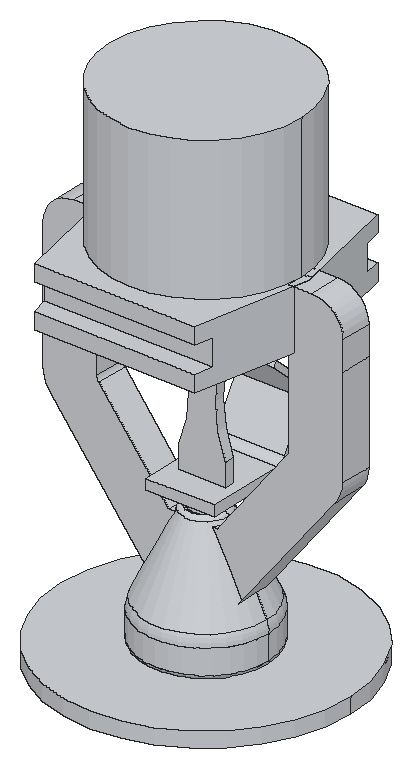
Revit family
Parameters (values of type "RASCO JL-17 ESFR")
  Temperature Rating = 212 °F
  Response = 1
  RASCO SIN # = "RA1914"
  RASCO Part # = "JL172B"
  Pressure Rating = "175 PSI"
  Pressure Class = (empty or 0)
  Orifice Size = 3/4"
  Orifice = (empty or 0)
  Model = "JL-17"
  Manufacturer = "RASCO"
  K-Factor = 16.8
  Description = "BRONZE FINISH"
  Coverage = (empty or 0)
Reference planes (in)
  plane 1 "Center (Front/Back)": y = 0
  plane 2: z = 0
  plane 3 "Center (Left/Right)": x = 0
Nested families (in)
  nested 1: "JL172B" at (-0.00014, -0.09299, 2.99969) x (-1, 0, 0) z (0, 0, -1), type "RASCO JL-17 ESFR"
Connectors (in)
  piping at (-0.00014, -0.09299, 2.99969)
    settings: on nested 1, index 1, connector radius 1/2", flow factor 0, pipe flow 0 GPM, pressure drop 0.00 psi, fitting loss kfactor 0, connector angle 0.00°, fixture units 0, flow configuration 0, flow direction 0, fitting loss method 0, system type 7, connector reference index -1, connector utility 0, adjustable connector no, is connector primary yes, fitting loss table "", connector description ""
Definition of nested family "JL172B"
  Parameters (values of type "RASCO JL-17 ESFR")
    Type Comments = ""
    Temperature Rating = 0 °F
    Response = (empty or 0)
    Pressure Rating = "0"
    Pressure Class = (empty or 0)
    Orifice Size = 0"
    Orifice = (empty or 0)
    Model = ""
    Manufacturer = ""
    K-Factor = 0
    Description = ""
    Coverage = (empty or 0)
    Assembly Code = ""
  Reference planes (in)
    plane 1 "Center (Front/Back)": y = 0
    plane 2: z = 0
    plane 3 "REF.1": z = 0.773
    plane 4 "top": z = 2.8125
    plane 5: x = -0.81624
    plane 6: x = 0.81332
    plane 7 "ref.2": z = 2.098
    plane 8 "head": z = 2.72724
    plane 9 "left/right center": x = 0
    plane 10 "screw": z = 1.98251
    plane 11 "link2": through (0, -0.02489, 1.21079) normal (0, 0.6767, -0.7363)
  Forms (in)
    Extrusion 1, solid
      sketch origin (0, 0, 0) x (1, 0, 0) y (0, 1, 0)
        loop
          circle (0, 0) r 0.5221
      from 0 to 0.773
    Extrusion 2, solid
      sketch origin (0, 0, 0.773) x (-1, 0, 0) y (0, -1, 0)
        loop
          line (-0.43619, -0.62052) -> (0.4375, -0.62052) -> (0.56391, 0) -> (0.4375, 0.62052) -> (-0.43619, 0.62052) -> (-0.56259, 0) -> (-0.43619, -0.62052)
      from 0 to 0.325
    Extrusion 3, void
      sketch origin (0, 0, 0) x (1, 0, 0) y (0, 0, 1)
        loop
          line (-0.56391, 1.00774) -> (-0.56391, 0.86298) -> (0.56259, 0.86298) -> (0.56259, 1.00774) -> (-0.56391, 1.00774)
      from 0.52148 to 0.62052
    Extrusion 4, solid
      sketch origin (0, 0, 0) x (1, 0, 0) y (0, 0, 1)
        loop
          line (-0.5221, 0.773) -> (-0.5221, 1.098) -> (-0.5221, 1.58091)
          arc (-0.5221, 1.58091) -> (-0.5194, 1.59708) -> (-0.51161, 1.61149) r 0.04979
          line (-0.51161, 1.61149) -> (-0.13316, 2.098) -> (-0.00066, 2.098) -> (0.13184, 2.098) -> (0.5115, 1.61158)
          arc (0.5115, 1.61158) -> (0.51938, 1.59706) -> (0.5221, 1.58077) r 0.05007
          line (0.5221, 1.58077) -> (0.5221, 1.098) -> (0.5221, 0.773) -> (0.64763, 0.773)
          arc (0.64763, 0.773) -> (0.76676, 0.82234) -> (0.8161, 0.94147) r 0.16847
          line (0.8161, 0.94147) -> (0.8161, 1.098) -> (0.8161, 1.63725)
          arc (0.8161, 1.63725) -> (0.80631, 1.69579) -> (0.77801, 1.74796) r 0.17993
          line (0.77801, 1.74796) -> (0.18552, 2.50706) -> (-0.18743, 2.50706) -> (-0.77818, 1.74764)
          arc (-0.77818, 1.74764) -> (-0.80636, 1.69554) -> (-0.8161, 1.63712) r 0.18
          line (-0.8161, 1.63712) -> (-0.8161, 1.098) -> (-0.8161, 0.94094)
          arc (-0.8161, 0.94094) -> (-0.76691, 0.82219) -> (-0.64816, 0.773) r 0.16794
          line (-0.64816, 0.773) -> (-0.5221, 0.773)
      from -0.08649 to 0.08732
    Extrusion 5, void
      sketch origin (0.00728, 1.142, 0) x (1, 0, 0) y (0, 0, 1)
        loop
          line (-0.56391, 1.00774) -> (-0.56391, 0.86298) -> (0.56259, 0.86298) -> (0.56259, 1.00774) -> (-0.56391, 1.00774)
      from 0.52148 to 0.62052
    Revolve 6, solid
      sketch origin (0, 0, 0) x (1, 0, 0) y (0, 0, 1)
        loop
          line (-0.00066, 2.72754) -> (-0.32516, 2.72754)
          arc (-0.32516, 2.72754) -> (-0.339, 2.72181) -> (-0.34473, 2.70797) r 0.01957
          line (-0.34473, 2.70797) -> (-0.34473, 2.57443)
          arc (-0.34473, 2.57443) -> (-0.34132, 2.5437) -> (-0.33127, 2.51445) r 0.14031
          line (-0.33127, 2.51445) -> (-0.12582, 2.07995)
          arc (-0.12582, 2.07995) -> (-0.11591, 2.06775) -> (-0.10088, 2.06316) r 0.02692
          line (-0.10088, 2.06316) -> (-0.00066, 2.06316) -> (-0.00066, 2.72754)
        axis (-0.00066, 2.72754) -> (-0.00066, 2.06316)
      angle from 0 to 360
    Extrusion 7, solid
      sketch origin (0, 0, 0) x (1, 0, 0) y (0, 0, 1)
        loop
          line (-0.00066, 1.098) -> (0.12634, 1.098) -> (0.12634, 1.25094)
          arc (0.12634, 1.25094) -> (0.07205, 1.52876) -> (0.12634, 1.80659) r 0.738
          line (0.12634, 1.80659) -> (0.12634, 1.9285) -> (-0.12716, 1.9285) -> (-0.12716, 1.80659)
          arc (-0.12716, 1.80659) -> (-0.07288, 1.52876) -> (-0.12716, 1.25094) r 0.73821
          line (-0.12716, 1.25094) -> (-0.12716, 1.098) -> (-0.00066, 1.098)
      from -0.02698 to 0.02489
    Extrusion 8, solid
      sketch origin (0, 0, 0) x (0, 0, -1) y (0, -1, 0)
        loop
          line (-1.92851, 0.17394) -> (-1.98251, 0.17394) -> (-1.98251, -0.23992)
          arc (-1.98251, -0.23992) -> (-1.96437, -0.3088) -> (-1.91467, -0.35983) r 0.13989
          line (-1.91467, -0.35983) -> (-1.70246, -0.48734)
          arc (-1.70246, -0.48734) -> (-1.69224, -0.50115) -> (-1.69478, -0.51815) r 0.02246
          line (-1.69478, -0.51815) -> (-1.72641, -0.57081) -> (-1.68013, -0.59862) -> (-1.63469, -0.52299)
          arc (-1.63469, -0.52299) -> (-1.62907, -0.4854) -> (-1.65167, -0.45485) r 0.04966
          line (-1.65167, -0.45485) -> (-1.89842, -0.30659)
          arc (-1.89842, -0.30659) -> (-1.92047, -0.28396) -> (-1.92851, -0.25341) r 0.06204
          line (-1.92851, -0.25341) -> (-1.92851, 0.17394)
      from -0.18664 to 0.18723
    Extrusion 9, solid
      sketch origin (0, 0, 1.98251) x (-1, 0, 0) y (0, -1, 0)
        loop
          circle (0, 0) r 0.087
      from 0 to 0.0806
    Extrusion 10, solid
      sketch origin (0, -0.61464, 0.66881) x (0, -0.736298, -0.676658) y (-1, 0, 0)
        loop
          line (-0.69009, 0.00066) -> (-0.69009, 0.24966) -> (-0.83009, 0.38966) -> (-1.45483, 0.38966) -> (-1.59483, 0.24966) -> (-1.59483, -0.24834) -> (-1.45483, -0.38834) -> (-0.83009, -0.38834) -> (-0.69009, -0.24834) -> (-0.69009, 0.00066)
      from -0.02887 to 0
    Extrusion 11, solid
      sketch origin (0, 0, 2.72724) x (-1, 0, 0) y (0, -1, 0)
        loop
          circle (0, 0) r 0.789
      from 0 to 0.08526
    Extrusion 12, solid
      sketch origin (0, 0, 2.8125) x (-1, 0, 0) y (0, -1, 0)
        loop
          circle (0, 0) r 0.25
      from 0 to 0.18719
  Cuts and joins
    Extrusion 3, Extrusion 5 cuts Extrusion 2
  Dimensions and locks (in)
    Extrusion 12 to level = 0' - 2.99969"
